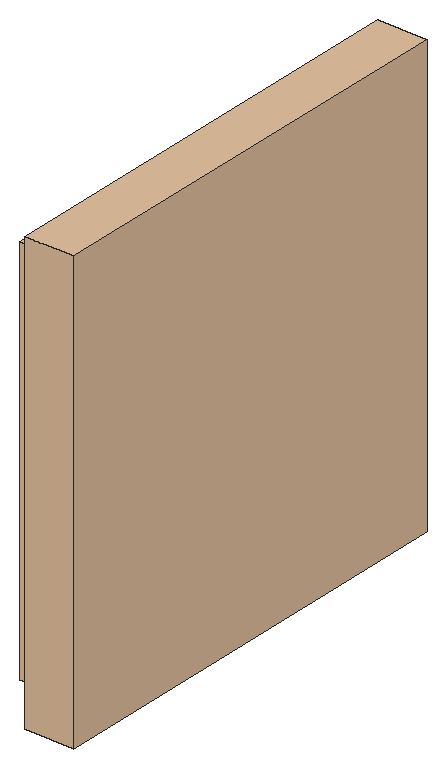
Revit family "b8b590886041460ca90a422829169099", category Terminations, Revit 2021
Family settings
  Work Plane-Based = No
  Always vertical = Yes
  Cut with Voids When Loaded = No
  Shared = No
Parameters
  Termination Material = Cherry
  T1 = 0' - 0 1/4"
  Width = 0' - 4"
  Extension Length = 0' - 0 3/4"
Reference planes (in)
  plane 1 "Center (Front/Back)": y = 0
  plane 2: z = 0
  plane 3 "Center (Left/Right)": x = 0
  plane 4: x = 0.75
  plane 5: x = 0.25
  plane 6: z = 2
  plane 7: z = -2
  plane 8: y = 2
  plane 9: y = -2
  plane 10: y = 2.25
  plane 11: y = -2.25
  plane 12: z = 2.25
  plane 13: z = -2.25
Forms (in)
  Extrusion 1, solid, material "Cherry" <- "Termination Material"
    sketch origin (0, 0, 0) x (0, 1, 0) y (0, 0, 1)
      loop
        line (2, 2) -> (-2, 2) -> (-2, -2) -> (2, -2) -> (2, 2)
    from 0 to 0.25
  Extrusion 2, solid, material "Cherry" <- "Termination Material"
    sketch origin (0, 0, 0) x (0, 1, 0) y (0, 0, 1)
      loop
        line (2.25, 2.25) -> (-2.25, 2.25) -> (-2.25, -2.25) -> (2.25, -2.25) -> (2.25, 2.25)
    from 0.25 to 0.75
Lines and regions (in)
  Masking region 1, detail levels fine
    outline origin (0, 0, 0) x (1, 0, 0) y (0, 1, 0)
      loop
        line (0, 2) -> (0, -2) -> (0.25, -2) -> (0.25, -2.25) -> (0.75, -2.25) -> (0.75, 2.25) -> (0.25, 2.25) -> (0.25, 2) -> (0, 2)
  symbolic lines, detail levels fine
    curve 1: line (0.25, 2.25, 0) -> (0.75, 2.25, 0)
    curve 2: line (0.25, -2.25, 0) -> (0.25, 2.25, 0)
    curve 3: line (0.75, -2.25, 0) -> (0.25, -2.25, 0)
    curve 4: line (0.75, 2.25, 0) -> (0.75, -2.25, 0)
    curve 5: line (0.25, 2, 0) -> (0, 2, 0)
    curve 6: line (0, 2, 0) -> (0, -2, 0)
    curve 7: line (0, -2, 0) -> (0.25, -2, 0)
Dimensions and locks (in)
  "Extension Length": plane 3 "Center (Left/Right)" to plane 4
  equal spacing: plane 6, level, plane 7
  equal spacing: plane 8, plane 1 "Center (Front/Back)", plane 9
  "Width": plane 8 to plane 9
  "Width": plane 6 to plane 7
  locked: plane 12 to plane 6 at 0.25
  locked: plane 7 to plane 13 at 0.25
  locked: plane 10 to plane 8 at 0.25
  locked: plane 9 to plane 11 at 0.25
  "T1": plane 3 "Center (Left/Right)" to plane 5
  aligned and locked: plane 2 to level
  aligned and locked: Extrusion 1 sketch curve to plane 6
  aligned and locked: Extrusion 1 sketch curve to plane 9
  aligned and locked: plane 7 to Extrusion 1 sketch curve
  aligned and locked: plane 8 to Extrusion 1 sketch curve
  aligned and locked: plane 5 to Extrusion 1
  aligned and locked: plane 12 to Extrusion 2 sketch curve
  aligned and locked: Extrusion 2 sketch curve to plane 10
  aligned and locked: Extrusion 2 sketch curve to plane 13
  aligned and locked: plane 11 to Extrusion 2 sketch curve
  aligned and locked: Extrusion 2 to plane 5
  aligned and locked: plane 4 to Extrusion 2
  aligned and locked: plane 10 to Masking region 1 sketch curve
  aligned and locked: Masking region 1 sketch curve to plane 11
  aligned and locked: Masking region 1 sketch curve to plane 4
  aligned and locked: plane 5 to Masking region 1 sketch curve  (x2)
  aligned and locked: Masking region 1 sketch curve to plane 9
  aligned and locked: plane 8 to Masking region 1 sketch curve
  aligned and locked: plane 3 "Center (Left/Right)" to Masking region 1 sketch curve
  aligned and locked: curve 6 to plane 3 "Center (Left/Right)"
  aligned and locked: curve 5 to plane 8
  aligned and locked: plane 9 to curve 7
  aligned and locked: plane 5 to curve 2
  aligned and locked: curve 4 to plane 4
  aligned and locked: plane 10 to curve 1
  aligned and locked: curve 3 to plane 11
  aligned and locked: plane 4 to Masking region 1
